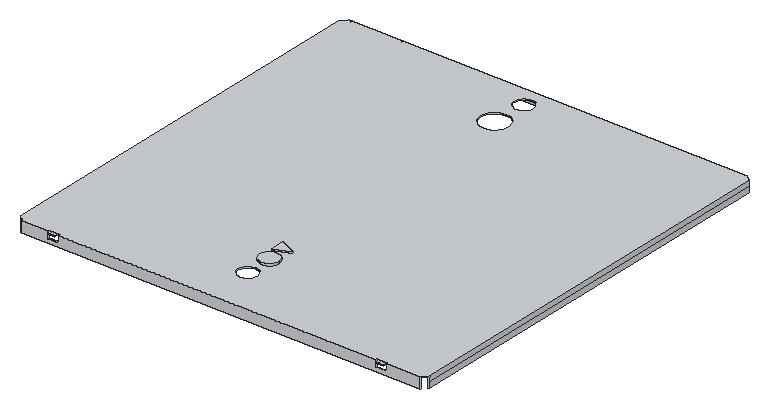
Revit family
Parameters
  Material ID = "760161679 \r\n"
  Description = "KIT, FLOOR BOX COVER"
Reference planes (in)
  plane 1 "Center (Front/Back)": y = 0
  plane 2: z = 0
  plane 3 "Center (Left/Right)": x = 0
Forms (in)
  Extrusion 1, solid, not visible
    sketch origin (0, -14.305, 0) x (1, 0, 0) y (0, 0, 1)
      loop
        line (-8.5516, 0.86) -> (-8.5516, 0.46) -> (-7.9516, 0.46) -> (-7.9516, 0.86) -> (-8.5516, 0.86)
    from 0 to 0.77696
  Extrusion 2, solid
    sketch origin (0, 0, 0) x (1, 0, 0) y (0, 0, 1)
      loop
        line (10.74, 0) -> (10.74, 0.275) -> (-10.74, 0.275) -> (-10.74, -0.275) -> (10.74, -0.275) -> (10.74, 0)
    from 0 to 21.48
  Extrusion 3, void
    sketch origin (0, 0, 0) x (1, 0, 0) y (0, 1, 0)
      loop
        line (10.69, -0.05) -> (-10.69, -0.05) -> (-10.69, -21.43) -> (10.69, -21.43) -> (10.69, -0.05)
    from 0.23312 to -4.4175
  Extrusion 4, void
    sketch origin (0, 0, 0) x (1, 0, 0) y (0, 1, 0)
      loop
        line (-10.44, 0) -> (-10.74, 0) -> (-10.74, -0.3) -> (-10.44, 0)
      loop
        line (10.44, 0) -> (10.74, -0.3) -> (10.74, 0) -> (10.44, 0)
      loop
        line (-10.44, -21.48) -> (-10.74, -21.18) -> (-10.74, -21.48) -> (-10.44, -21.48)
      loop
        line (10.44, -21.48) -> (10.74, -21.48) -> (10.74, -21.18) -> (10.44, -21.48)
    from 7.98026 to -12.64303
  Extrusion 5, void
    sketch origin (0, 0, 0) x (1, 0, 0) y (0, 1, 0)
      loop
        line (-8.49427, -21.41655) -> (-9.05086, -21.41655) -> (-9.05086, -21.50728) -> (-8.49427, -21.50728) -> (-8.49427, -21.41655)
      loop
        line (8.72743, -21.41655) -> (8.17085, -21.41655) -> (8.17085, -21.50728) -> (8.72743, -21.50728) -> (8.72743, -21.41655)
    from -0.06629 to 12
  Extrusion 6, solid
    sketch origin (0, 0, 0) x (1, 0, 0) y (0, 0, 1)
      loop
        line (-8.97429, 0.275) -> (-8.97429, 0.23312) -> (-8.56898, 0.23312) -> (-8.56898, 0.275) -> (-8.97429, 0.275)
      loop
        line (8.23904, 0.275) -> (8.23904, 0.23312) -> (8.66829, 0.23312) -> (8.66829, 0.275) -> (8.23904, 0.275)
    from 21.60006 to 21.43
  Extrusion 7, void
    sketch origin (0, 0, 0) x (1, 0, 0) y (0, 1, 0)
      loop
        circle (-0.48269, -2.90026) r 0.75
      loop
        circle (-0.41287, -1.0776) r 0.5
      loop
        circle (-0.4894, -19.07832) r 0.5
    from 0 to 12
  Extrusion 8, solid
    sketch origin (0, 0, 0) x (1, 0, 0) y (0, 1, 0)
      loop
        circle (-0.49314, -17.67123) r 0.5
      loop
        line (-0.06485, -16.6393) -> (-0.91198, -16.24427) -> (-0.91198, -16.98204) -> (-0.06485, -16.6393)
    from 0.35226 to 0.23312
Cuts and joins
  Extrusion 3, Extrusion 4, Extrusion 5, Extrusion 7 cuts Extrusion 2
